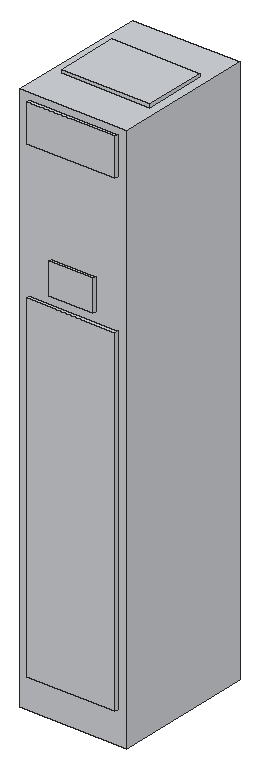
Revit family "84359b65617a451b91b1006b34fd67a7", category Mechanical Equipment, Revit 2021
Family settings
  Round Connector Dimension = Use Diameter
  Part Type = Normal
  OmniClass Number = 23.75.70.17.27
  OmniClass Title = Fan Coil Units
  Seek Item ID = Fan Coil Unit - Vertical - Stack-0000-USA-ENU
  Work Plane-Based = No
  Always vertical = Yes
  Cut with Voids When Loaded = No
  Shared = No
  Room Calculation Point = No
Parameters (values of type "300 CFM")
  Voltage = 120 V
  Unit Width = 1' - 10 3/8"
  Unit Length = 1' - 5"
  Total Cooling Capacity = 11500 Btu/h
  Top Supply Air Width = 14"
  Top Supply Air Height = 10"
  Sensible Cooling Capacity = 7000 Btu/h
  Return Air Width = 14"
  Number of Poles = 1
  Nominal Air Flow [instance] = 300 CFM
  Load Classification = Cooling
  Front Supply Air Width = 14"
  Front Supply Air Height = 6"
  External Static Pressure [instance] = 0.05 in-wg
  Drain Flow [instance] = 0 GPM
  Default Elevation = 0' - 0"
  Chilled Water Pressure Drop [instance] = 325.90 psi
  Chilled Water Flow [instance] = 2 GPM
  CFU Material = none
  C4 Offset 1 = 0' - 1 1/2"
  Apparent Load = 85 VA
Types (7): name | Unit Width | Unit Length | Total Cooling Capacity | Top Supply Air Width | Top Supply Air Height | Sensible Cooling Capacity | Return Air Width | Nominal Air Flow | Front Supply Air Width | Front Supply Air Height | Chilled Water Pressure Drop | Chilled Water Flow | C4 Offset 1 | Apparent Load
  (no name) | 1' - 10 3/8" | 1' - 5" | 11500 Btu/h | 14" | 10" | 7000 Btu/h | 14" | 300 CFM | 14" | 6" | 325.90 psi | 2 GPM | 0' - 1 1/2" | 85 VA
  300 CFM | 1' - 10 3/8" | 1' - 5" | 11500 Btu/h | 14" | 10" | 7000 Btu/h | 14" | 300 CFM | 14" | 6" | 325.90 psi | 2 GPM | 0' - 1 1/2" | 85 VA
  400 CFM | 1' - 10 3/8" | 1' - 5" | 13600 Btu/h | 14" | 10" | 9000 Btu/h | 14" | 400 CFM | 14" | 6" | 475.80 psi | 3 GPM | 0' - 1 1/2" | 115 VA
  600 CFM | 2' - 1 3/8" | 1' - 8" | 21900 Btu/h | 16" | 12" | 14000 Btu/h | 18" | 600 CFM | 18" | 6" | 173.30 psi | 5 GPM | 0' - 2" | 135 VA
  800 CFM | 2' - 1 3/8" | 1' - 8" | 27500 Btu/h | 16" | 12" | 17800 Btu/h | 18" | 800 CFM | 18" | 6" | 258.80 psi | 6 GPM | 0' - 2" | 210 VA
  1000 CFM | 2' - 5 3/8" | 2' - 0" | 37700 Btu/h | 18" | 16" | 24500 Btu/h | 22" | 1000 CFM | 22" | 8" | 225.40 psi | 8 GPM | 0' - 3" | 290 VA
  1200 CFM | 2' - 5 3/8" | 2' - 0" | 43100 Btu/h | 18" | 16" | 28400 Btu/h | 22" | 1200 CFM | 22" | 8" | 249.50 psi | 8 GPM | 0' - 3" | 380 VA
Reference planes (in)
  plane 1 "Center (Front/Back)": y = 0
  plane 2: z = 0
  plane 3 "Center (Left/Right)": x = 0
  plane 4: x = 17
  plane 5: y = 22.375
  plane 6: z = 88
  plane 7: x = 1.5
  plane 8: y = 16.375
  plane 9: y = 6.375
  plane 10: x = 15.5
  plane 11: z = 88.5
  plane 12: x = 8.5
  plane 13: z = 87
  plane 14: z = 81
  plane 15: y = -0.5
  plane 16: x = 1.5
  plane 17: x = 15.5
  plane 18: z = 5
  plane 19: z = 59
  plane 20: z = 63
  plane 21: x = 5
  plane 22: x = 12
  plane 23: z = 65.5
  plane 24: z = 60.5
  plane 25: x = 8.5
  plane 26: x = 5.5
  plane 27: x = 11.5
  plane 28: y = 19.375
  plane 29: x = 1.5
  plane 30: x = 15.5
  plane 31: z = 0.5
Forms (in)
  Extrusion 1, solid, material <- "CFU Material"
    sketch origin (0, 0, 0) x (1, 0, 0) y (0, 1, 0)
      loop
        line (0, 22.375) -> (0, 0) -> (17, 0) -> (17, 22.375) -> (0, 22.375)
    from 0 to 88
  Extrusion 2, solid, material <- "CFU Material"
    sketch origin (0, 0, 0) x (1, 0, 0) y (0, 1, 0)
      loop
        line (1.5, 16.375) -> (1.5, 6.375) -> (15.5, 6.375) -> (15.5, 16.375) -> (1.5, 16.375)
    from 88 to 88.5
  Extrusion 3, solid, material <- "CFU Material"
    sketch origin (0, 0, 0) x (1, 0, 0) y (0, 0, 1)
      loop
        line (1.5, 87) -> (1.5, 81) -> (15.5, 81) -> (15.5, 87) -> (1.5, 87)
    from 0 to 0.5
  Extrusion 4, solid, material <- "CFU Material"
    sketch origin (0, 0, 0) x (1, 0, 0) y (0, 0, 1)
      loop
        line (1.5, 5) -> (15.5, 5) -> (15.5, 59) -> (1.5, 59) -> (1.5, 5)
    from 0 to 0.5
  Extrusion 5, solid, material <- "CFU Material"
    sketch origin (0, 0, 0) x (1, 0, 0) y (0, 0, 1)
      loop
        line (5, 65.5) -> (5, 60.5) -> (12, 60.5) -> (12, 65.5) -> (5, 65.5)
    from 0 to 0.5
  Extrusion 6, void
    sketch origin (0, 0, 0) x (1, 0, 0) y (0, 1, 0)
      loop
        circle (8.5, 19.375) r 0.375
    from 0 to 0.5
  Extrusion 7, void
    sketch origin (0, 0, 0) x (1, 0, 0) y (0, 1, 0)
      loop
        circle (11.5, 19.375) r 0.25
    from 0 to 0.5
  Extrusion 8, void
    sketch origin (0, 0, 0) x (1, 0, 0) y (0, 1, 0)
      loop
        circle (5.5, 19.375) r 0.25
    from 0 to 0.5
Cuts and joins
  Extrusion 6, Extrusion 7, Extrusion 8 cuts Extrusion 1
  joined: Extrusion 1, Extrusion 2, Extrusion 3, Extrusion 4, Extrusion 5
Dimensions and locks (in)
  "Unit Length": plane 3 "Center (Left/Right)" to plane 4
  locked: plane 6 to level at 88
  "Top Supply Air Height": plane 8 to plane 9
  "C4 Offset 1": plane 3 "Center (Left/Right)" to plane 7
  "Top Supply Air Width": plane 7 to plane 10
  locked: plane 11 to plane 6 at 0.5
  equal spacing: plane 4, plane 12, plane 3 "Center (Left/Right)"
  locked: plane 6 to plane 13 at 1
  "Front Supply Air Height": plane 13 to plane 14
  locked: plane 15 to plane 1 "Center (Front/Back)" at 0.5
  "Return Air Width": plane 16 to plane 17
  equal spacing: plane 16, plane 12, plane 17
  locked: plane 18 to level at 5
  locked: plane 19 to plane 18 at 54
  locked: plane 20 to level at 63
  plane 22 to plane 12 to plane 21 = 0' - 3 1/2" locked, 0' - 3 1/2" locked
  plane 23 to plane 20 to plane 24 = 0' - 2 1/2" locked, 0' - 2 1/2" locked
  equal spacing: plane 3 "Center (Left/Right)", plane 25, plane 4
  plane 26 to plane 25 to plane 27 = 0' - 3" locked, 0' - 3" locked
  "Unit Width": plane 1 "Center (Front/Back)" to plane 5
  locked: plane 5 to plane 8 at 6
  locked: plane 5 to plane 28 at 3
  equal spacing: group 1, group 3, group 4, group 5, group 6, group 7, group 8, group 9, group 10, group 11, group 12, group 13, group 14, group 15, group 16, group 17, group 18, group 19, group 20, group 21, group 22, group 23, group 2  (x2)
  equal spacing: group 2, group 23, group 22, group 21, group 20, group 19, group 18, group 17, group 16, group 15, group 14, group 13, group 12, group 11, group 10, group 9, group 8, group 7, group 6, group 5, group 4, group 3, group 1
  equal spacing: plane 30, plane 25, plane 29
  "Front Supply Air Width": plane 30 to plane 29
  locked: plane 31 to level at 0.5
  radius of Extrusion 6 sketch curve = 0' - 0 3/8"
  radius of Extrusion 7 sketch curve = 0' - 0 1/4"
  radius of Extrusion 8 sketch curve = 0' - 0 1/4"
  aligned and locked: plane 3 "Center (Left/Right)" to Extrusion 1 sketch curve
  aligned and locked: Extrusion 1 sketch curve to plane 5
  aligned and locked: plane 1 "Center (Front/Back)" to Extrusion 1 sketch curve
  aligned and locked: Extrusion 1 sketch curve to plane 4
  aligned and locked: Extrusion 1 to plane 2
  aligned and locked: plane 6 to Extrusion 1
  aligned and locked: plane 7 to Extrusion 2 sketch curve
  aligned and locked: Extrusion 2 sketch curve to plane 8
  aligned and locked: plane 9 to Extrusion 2 sketch curve
  aligned and locked: Extrusion 2 sketch curve to plane 10
  aligned and locked: plane 11 to Extrusion 2
  aligned and locked: Extrusion 2 to plane 6
  aligned and locked: Extrusion 3 sketch curve to plane 13
  aligned and locked: plane 14 to Extrusion 3 sketch curve
  aligned and locked: Extrusion 3 to plane 15
  aligned and locked: Extrusion 3 to plane 1 "Center (Front/Back)"
  aligned and locked: Extrusion 4 sketch curve to plane 18
  aligned and locked: plane 19 to Extrusion 4 sketch curve
  aligned and locked: plane 16 to Extrusion 4 sketch curve
  aligned and locked: plane 17 to Extrusion 4 sketch curve
  aligned and locked: Extrusion 4 to plane 15
  aligned and locked: Extrusion 4 to plane 1 "Center (Front/Back)"
  aligned and locked: plane 21 to Extrusion 5 sketch curve
  aligned and locked: Extrusion 5 sketch curve to plane 23
  aligned and locked: plane 24 to Extrusion 5 sketch curve
  aligned and locked: plane 22 to Extrusion 5 sketch curve
  aligned and locked: Extrusion 5 to plane 15
  aligned and locked: Extrusion 5 to plane 1 "Center (Front/Back)"
  aligned and locked: plane 19 to Extrusion 4
  aligned and locked: Extrusion 4 to plane 18
  aligned and locked: plane 25 to Extrusion 6 sketch curve
  aligned and locked: plane 27 to Extrusion 7 sketch curve
  aligned and locked: plane 28 to Extrusion 6 sketch curve
  aligned and locked: plane 28 to Extrusion 7 sketch curve
  aligned and locked: plane 28 to Extrusion 8 sketch curve
  aligned and locked: plane 26 to Extrusion 8 sketch curve
  aligned and locked: plane 16 to nested 1
  aligned and locked: nested 1 to plane 19
  aligned and locked: plane 16 to nested 2
  aligned and locked: nested 2 to plane 18
  aligned and locked: plane 29 to Extrusion 3 sketch curve
  aligned and locked: plane 30 to Extrusion 3 sketch curve
  aligned and locked: plane 31 to cut or joined group 1 (Extrusion 1, Extrusion 2, Extrusion 3, Extrusion 4, Extrusion 5, Extrusion 6, Extrusion 7, Extrusion 8)  (x3)
  aligned and locked: cut or joined group 1 to plane 2  (x3)
Nested families (in)
  nested 1: "Fan Coil Unit - Vertical - Stack_Grid" at (1.5, -0.5, 59) x (1, 0, 0) z (0, -1, 0), type "Fan Coil Unit - Vertical - Stack_Grid"
  nested 2: "Fan Coil Unit - Vertical - Stack_Grid" at (1.5, -0.5, 5) x (1, 0, 0) z (0, -1, 0), type "Fan Coil Unit - Vertical - Stack_Grid"
  nested 3: "Fan Coil Unit - Vertical - Stack_Grid" at (1.5, -0.5, 56.54545) x (1, 0, 0) z (0, -1, 0), type "Fan Coil Unit - Vertical - Stack_Grid"
  nested 4: "Fan Coil Unit - Vertical - Stack_Grid" at (1.5, -0.5, 54.09091) x (1, 0, 0) z (0, -1, 0), type "Fan Coil Unit - Vertical - Stack_Grid"
  nested 5: "Fan Coil Unit - Vertical - Stack_Grid" at (1.5, -0.5, 51.63636) x (1, 0, 0) z (0, -1, 0), type "Fan Coil Unit - Vertical - Stack_Grid"
  nested 6: "Fan Coil Unit - Vertical - Stack_Grid" at (1.5, -0.5, 49.18182) x (1, 0, 0) z (0, -1, 0), type "Fan Coil Unit - Vertical - Stack_Grid"
  nested 7: "Fan Coil Unit - Vertical - Stack_Grid" at (1.5, -0.5, 46.72727) x (1, 0, 0) z (0, -1, 0), type "Fan Coil Unit - Vertical - Stack_Grid"
  nested 8: "Fan Coil Unit - Vertical - Stack_Grid" at (1.5, -0.5, 44.27273) x (1, 0, 0) z (0, -1, 0), type "Fan Coil Unit - Vertical - Stack_Grid"
  nested 9: "Fan Coil Unit - Vertical - Stack_Grid" at (1.5, -0.5, 41.81818) x (1, 0, 0) z (0, -1, 0), type "Fan Coil Unit - Vertical - Stack_Grid"
  nested 10: "Fan Coil Unit - Vertical - Stack_Grid" at (1.5, -0.5, 39.36364) x (1, 0, 0) z (0, -1, 0), type "Fan Coil Unit - Vertical - Stack_Grid"
  nested 11: "Fan Coil Unit - Vertical - Stack_Grid" at (1.5, -0.5, 36.90909) x (1, 0, 0) z (0, -1, 0), type "Fan Coil Unit - Vertical - Stack_Grid"
  nested 12: "Fan Coil Unit - Vertical - Stack_Grid" at (1.5, -0.5, 34.45455) x (1, 0, 0) z (0, -1, 0), type "Fan Coil Unit - Vertical - Stack_Grid"
  nested 13: "Fan Coil Unit - Vertical - Stack_Grid" at (1.5, -0.5, 32) x (1, 0, 0) z (0, -1, 0), type "Fan Coil Unit - Vertical - Stack_Grid"
  nested 14: "Fan Coil Unit - Vertical - Stack_Grid" at (1.5, -0.5, 29.54545) x (1, 0, 0) z (0, -1, 0), type "Fan Coil Unit - Vertical - Stack_Grid"
  nested 15: "Fan Coil Unit - Vertical - Stack_Grid" at (1.5, -0.5, 27.09091) x (1, 0, 0) z (0, -1, 0), type "Fan Coil Unit - Vertical - Stack_Grid"
  nested 16: "Fan Coil Unit - Vertical - Stack_Grid" at (1.5, -0.5, 24.63636) x (1, 0, 0) z (0, -1, 0), type "Fan Coil Unit - Vertical - Stack_Grid"
  nested 17: "Fan Coil Unit - Vertical - Stack_Grid" at (1.5, -0.5, 22.18182) x (1, 0, 0) z (0, -1, 0), type "Fan Coil Unit - Vertical - Stack_Grid"
  nested 18: "Fan Coil Unit - Vertical - Stack_Grid" at (1.5, -0.5, 19.72727) x (1, 0, 0) z (0, -1, 0), type "Fan Coil Unit - Vertical - Stack_Grid"
  nested 19: "Fan Coil Unit - Vertical - Stack_Grid" at (1.5, -0.5, 17.27273) x (1, 0, 0) z (0, -1, 0), type "Fan Coil Unit - Vertical - Stack_Grid"
  nested 20: "Fan Coil Unit - Vertical - Stack_Grid" at (1.5, -0.5, 14.81818) x (1, 0, 0) z (0, -1, 0), type "Fan Coil Unit - Vertical - Stack_Grid"
  nested 21: "Fan Coil Unit - Vertical - Stack_Grid" at (1.5, -0.5, 12.36364) x (1, 0, 0) z (0, -1, 0), type "Fan Coil Unit - Vertical - Stack_Grid"
  nested 22: "Fan Coil Unit - Vertical - Stack_Grid" at (1.5, -0.5, 9.90909) x (1, 0, 0) z (0, -1, 0), type "Fan Coil Unit - Vertical - Stack_Grid"
  nested 23: "Fan Coil Unit - Vertical - Stack_Grid" at (1.5, -0.5, 7.45455) x (1, 0, 0) z (0, -1, 0), type "Fan Coil Unit - Vertical - Stack_Grid"
Connectors (in)
  piping at (5.5, 19.375, 0), diameter 0.5, driven by "Chilled Water Flow"
    settings: on cut or joined group 1, index 1, connector inside diameter 1/2", connector length 0' - 0", flow factor 0, pipe flow 2 GPM, pressure drop 0.00 psi, fitting loss kfactor 0, connector angle 0.00°, fixture units 0, engagement length 0' - 0", angle of deflection 0.00°, flow configuration 1, flow direction 1, fitting loss method 4, system type 7, joint type 0, gender type 0, connector reference index 2, connector utility 0, adjustable connector no, is connector primary yes, connector description "Chilled Water, In"
  piping at (11.5, 19.375, 0), diameter 0.5, driven by "Chilled Water Flow", driven by "Chilled Water Pressure Drop"
    settings: on cut or joined group 1, index 2, connector inside diameter 1/2", connector length 0' - 0", flow factor 0, pipe flow 2 GPM, pressure drop 325.90 psi, fitting loss kfactor 0, connector angle 0.00°, fixture units 0, engagement length 0' - 0", angle of deflection 0.00°, flow configuration 1, flow direction 2, fitting loss method 4, system type 8, joint type 0, gender type 0, connector reference index 1, connector utility 0, adjustable connector no, is connector primary no, connector description "Chilled Water, Out"
  piping at (8.5, 19.375, 0), diameter 0.75, driven by "Drain Flow"
    settings: on cut or joined group 1, index 3, connector inside diameter 3/4", connector length 0' - 0", flow factor 0, pipe flow 0 GPM, pressure drop 0.00 psi, fitting loss kfactor 0, connector angle 0.00°, fixture units 0, engagement length 0' - 0", angle of deflection 0.00°, flow configuration 1, flow direction 2, fitting loss method 0, system type 16, joint type 0, gender type 0, connector reference index -1, connector utility 0, adjustable connector no, is connector primary no, connector description "Drain, Out"
  hvac at (8.5, 11.375, 88.5), driven by "Nominal Air Flow", driven by "Top Supply Air Height", driven by "Top Supply Air Width"
    settings: on Extrusion 2, index 4, duct flow 300 CFM, flow factor 0, pres drop 0.00 in-wg, loss coef 0, conn angle 0.00°, conn width 14", conn height 10", conn diameter 24", duct sys type 1, conn prof type 1, flow config 0, flow direction 2, loss method 0, conn ref index -1, conn util no, is conn primary yes, conn desc ""
  hvac at (8.5, -0.5, 84), driven by "Nominal Air Flow", driven by "Front Supply Air Height", driven by "Front Supply Air Width"
    settings: on Extrusion 3, index 5, duct flow 300 CFM, flow factor 0, pres drop 0.00 in-wg, loss coef 0, conn angle 0.00°, conn width 14", conn height 6", conn diameter 24", duct sys type 1, conn prof type 1, flow config 0, flow direction 2, loss method 0, conn ref index -1, conn util no, is conn primary no, conn desc ""
  hvac at (8.5, -0.5, 32), driven by "Nominal Air Flow", driven by "Return Air Width"
    settings: on Extrusion 4, index 6, duct flow 300 CFM, flow factor 0, pres drop 0.00 in-wg, loss coef 0, conn angle 0.00°, conn width 14", conn height 54", conn diameter 24", duct sys type 2, conn prof type 1, flow config 0, flow direction 1, loss method 0, conn ref index -1, conn util no, is conn primary no, conn desc ""
  electrical at (8.5, -0.5, 63), driven by "Apparent Load", driven by "Voltage", driven by "Number of Poles", driven by "Load Classification"
    settings: on Extrusion 5, index 7, voltage 120 V, apparent load 85 VA, apparent load phase1 0 VA, apparent load phase2 0 VA, apparent load phase3 0 VA, power factor 0.8, load classification "Cooling", number of poles 1, system type 30, power factor state 1, is connector primary yes, connector utility no, sub classification motor no, connector description ""
Definition of nested family "Fan Coil Unit - Vertical - Stack_Grid"
  Parameters
    Length 1 = 1' - 11.43953"
    Default Elevation = 4' - 0"
  Reference planes (in)
    plane 1 "Center (Front/Back)": y = 0
    plane 2: z = 0
    plane 3 "Center (Left/Right)": x = 0
    plane 4: x = 23.43953
  Forms (in)
    Extrusion 1, solid
      sketch origin (0, 0, 0) x (1, 0, 0) y (0, 1, 0)
        loop
          line (-48, 48) -> (-48, -48) -> (48, -48) -> (48, 48) -> (-48, 48)
      from 0 to -12
  Lines and regions (in)
    model lines
      curve 1: line (0, 0, 0) -> (23.43953, 0, 0)
  Dimensions and locks (in)
    "Length 1": plane 3 "Center (Left/Right)" to plane 4
    aligned and locked: plane 2 to Extrusion 1
    aligned and locked: level to Extrusion 1
    aligned and locked: plane 3 "Center (Left/Right)" to curve 1
    aligned and locked: plane 4 to curve 1
    aligned and locked: plane 1 "Center (Front/Back)" to curve 1
  Automatic sketch dimensions
    Extrusion 1 sketch curve to Extrusion 1 sketch curve = 8' - 0"  (x2)
